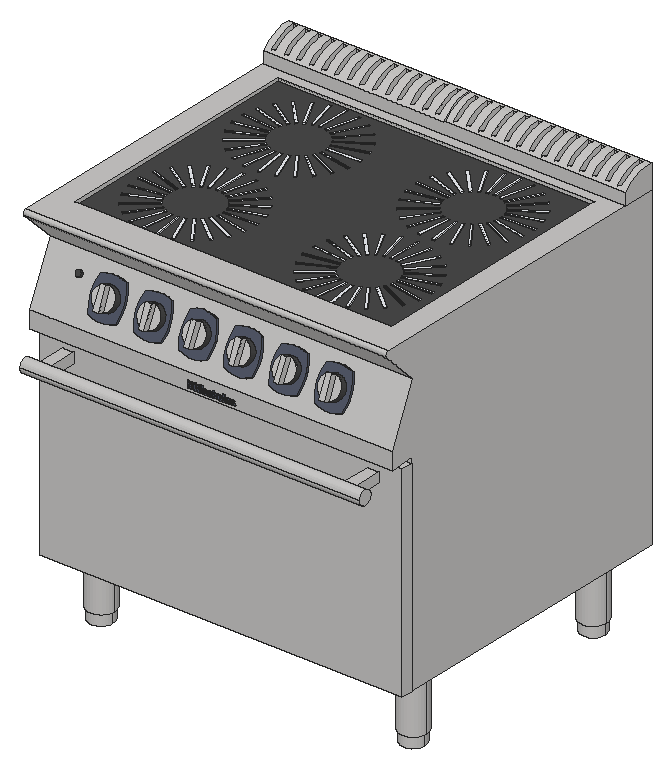
Revit family "QF_ELECTROLUXPROFESSIONAL_371026_E7IREH40E0", category Specialty Equipment, Revit 2018 (continued)
Automatic sketch dimensions
  Extrusion 19 sketch curve to Extrusion 19 sketch curve = 0.778 mm
  Extrusion 19 sketch curve to Extrusion 19 sketch curve = 0.063 mm
  Extrusion 19 sketch curve to Extrusion 19 sketch curve = 1.023 mm
  Extrusion 19 sketch curve to Extrusion 19 sketch curve = 3.804 mm
  Extrusion 19 sketch curve to Extrusion 19 sketch curve = 0.486 mm
  Extrusion 19 sketch curve to Extrusion 19 sketch curve = 0.266 mm
  Extrusion 19 sketch curve to Extrusion 19 sketch curve = 1.547 mm
  Extrusion 19 sketch curve to Extrusion 19 sketch curve = 0.717 mm  (x2)
  Extrusion 19 sketch curve to Extrusion 19 sketch curve = 1.667 mm
  Extrusion 19 sketch curve to Extrusion 19 sketch curve = 3.174 mm
  Extrusion 19 sketch curve to Extrusion 19 sketch curve = 0.388 mm
  Extrusion 19 sketch curve to Extrusion 19 sketch curve = 1.342 mm
  Extrusion 19 sketch curve to Extrusion 19 sketch curve = 1.521 mm
  Extrusion 19 sketch curve to Extrusion 19 sketch curve = 0.124 mm
  Extrusion 19 sketch curve to Extrusion 19 sketch curve = 0.291 mm
  Extrusion 19 sketch curve to Extrusion 19 sketch curve = 1.049 mm  (x2)
  Extrusion 19 sketch curve to Extrusion 19 sketch curve = 1.7 mm
  Extrusion 19 sketch curve to Extrusion 19 sketch curve = 0.894 mm
  Extrusion 19 sketch curve to Extrusion 19 sketch curve = 0.989 mm
  Extrusion 19 sketch curve to Extrusion 19 sketch curve = 1.168 mm
  Extrusion 19 sketch curve to Extrusion 19 sketch curve = 1.594 mm
  Extrusion 19 sketch curve to Extrusion 19 sketch curve = 0.731 mm
  Extrusion 19 sketch curve to Extrusion 19 sketch curve = 1.566 mm
  Extrusion 19 sketch curve to Extrusion 19 sketch curve = 0.064 mm
  Extrusion 19 sketch curve to Extrusion 19 sketch curve = 0.556 mm  (x2)
  Extrusion 19 sketch curve to Extrusion 19 sketch curve = 0.48 mm
  Extrusion 19 sketch curve to Extrusion 19 sketch curve = 0.228 mm
  Extrusion 19 sketch curve to Extrusion 19 sketch curve = 1.018 mm
  Extrusion 19 sketch curve to Extrusion 19 sketch curve = 0.787 mm
  Extrusion 19 sketch curve to Extrusion 19 sketch curve = 0.618 mm
  Extrusion 19 sketch curve to Extrusion 19 sketch curve = 1.672 mm
  Extrusion 19 sketch curve to Extrusion 19 sketch curve = 1.361 mm
  Extrusion 19 sketch curve to Extrusion 19 sketch curve = 0.822 mm
  Extrusion 19 sketch curve to Extrusion 19 sketch curve = 0.069 mm
  Extrusion 19 sketch curve to Extrusion 19 sketch curve = 1.88 mm
  Extrusion 19 sketch curve to Extrusion 19 sketch curve = 0.42 mm
  Extrusion 19 sketch curve to Extrusion 19 sketch curve = 0.062 mm
  Extrusion 19 sketch curve to Extrusion 19 sketch curve = 1.355 mm
  Extrusion 19 sketch curve to Extrusion 19 sketch curve = 2.34 mm
  Extrusion 19 sketch curve to Extrusion 19 sketch curve = 0.493 mm
  Extrusion 19 sketch curve to Extrusion 19 sketch curve = 0.136 mm
  Extrusion 19 sketch curve to Extrusion 19 sketch curve = 0.128 mm
  Extrusion 19 sketch curve to Extrusion 19 sketch curve = 3.616 mm
  Extrusion 19 sketch curve to Extrusion 19 sketch curve = 4.207 mm
  Extrusion 19 sketch curve to Extrusion 19 sketch curve = 0.183 mm
  Extrusion 19 sketch curve to Extrusion 19 sketch curve = 0.895 mm
  Extrusion 19 sketch curve to Extrusion 19 sketch curve = 1.314 mm
  Extrusion 19 sketch curve to Extrusion 19 sketch curve = 3.231 mm
  Extrusion 19 sketch curve to Extrusion 19 sketch curve = 1.299 mm
  Extrusion 19 sketch curve to Extrusion 19 sketch curve = 1.214 mm
  Extrusion 19 sketch curve to Extrusion 19 sketch curve = 1.264 mm
  Extrusion 19 sketch curve to Extrusion 19 sketch curve = 0.109 mm
  Extrusion 19 sketch curve to Extrusion 19 sketch curve = 0.357 mm
  Extrusion 19 sketch curve to Extrusion 19 sketch curve = 0.565 mm
  Extrusion 19 sketch curve to Extrusion 19 sketch curve = 2.504 mm
  Extrusion 19 sketch curve to Extrusion 19 sketch curve = 2.459 mm
  Extrusion 1 to Extrusion 19 sketch curve = 346.206 mm
  Extrusion 19 sketch curve to Extrusion 19 sketch curve = 0.208 mm
  Extrusion 19 sketch curve to Extrusion 19 sketch curve = 0.468 mm  (x2)
  Extrusion 19 sketch curve to Extrusion 19 sketch curve = 1.559 mm
  Extrusion 19 sketch curve to Extrusion 19 sketch curve = 0.422 mm  (x2)
  Extrusion 19 sketch curve to Extrusion 19 sketch curve = 0.494 mm
  Extrusion 19 sketch curve to Extrusion 19 sketch curve = 3.927 mm
  Extrusion 19 sketch curve to Extrusion 19 sketch curve = 0.782 mm
  Extrusion 19 sketch curve to Extrusion 19 sketch curve = 1.268 mm
  Extrusion 19 sketch curve to Extrusion 19 sketch curve = 0.671 mm
  Extrusion 19 sketch curve to Extrusion 19 sketch curve = 0.777 mm
  Extrusion 19 sketch curve to Extrusion 19 sketch curve = 0.704 mm
  Extrusion 19 sketch curve to Extrusion 19 sketch curve = 0.781 mm  (x2)
  Extrusion 19 sketch curve to Extrusion 19 sketch curve = 1.634 mm
  Extrusion 19 sketch curve to Extrusion 19 sketch curve = 0.132 mm
  Extrusion 19 sketch curve to Extrusion 19 sketch curve = 3.136 mm
  Extrusion 19 sketch curve to Extrusion 19 sketch curve = 2.422 mm
  Extrusion 19 sketch curve to Extrusion 19 sketch curve = 0.586 mm
  Extrusion 19 sketch curve to Extrusion 19 sketch curve = 2.046 mm  (x2)
  Extrusion 19 sketch curve to Extrusion 19 sketch curve = 1.241 mm
  Extrusion 19 sketch curve to Extrusion 19 sketch curve = 1.689 mm
  Extrusion 19 sketch curve to Extrusion 19 sketch curve = 2.859 mm
  Extrusion 19 sketch curve to Extrusion 19 sketch curve = 0.627 mm
  Extrusion 19 sketch curve to Extrusion 19 sketch curve = 0.863 mm
  Extrusion 19 sketch curve to Extrusion 19 sketch curve = 0.419 mm
  Extrusion 19 sketch curve to Extrusion 19 sketch curve = 1.514 mm
  Extrusion 19 sketch curve to Extrusion 19 sketch curve = 1.019 mm
  Extrusion 19 sketch curve to Extrusion 19 sketch curve = 0.065 mm
  Extrusion 19 sketch curve to Extrusion 19 sketch curve = 1.215 mm
  Extrusion 19 sketch curve to Extrusion 19 sketch curve = 2.708 mm
  Extrusion 19 sketch curve to Extrusion 19 sketch curve = 1.122 mm
  Extrusion 19 sketch curve to Extrusion 19 sketch curve = 1.153 mm
  Extrusion 19 sketch curve to Extrusion 19 sketch curve = 3.009 mm
  Extrusion 19 sketch curve to Extrusion 19 sketch curve = 0.829 mm  (x2)
  Extrusion 19 sketch curve to Extrusion 19 sketch curve = 0.934 mm
  Extrusion 19 sketch curve to Extrusion 19 sketch curve = 3.376 mm
  Extrusion 19 sketch curve to Extrusion 19 sketch curve = 0.222 mm
  Extrusion 19 sketch curve to Extrusion 19 sketch curve = 1.383 mm
  Extrusion 19 sketch curve to Extrusion 19 sketch curve = 1.556 mm
  Extrusion 19 sketch curve to Extrusion 19 sketch curve = 2.559 mm
  Extrusion 19 sketch curve to Extrusion 19 sketch curve = 2.51 mm
  Extrusion 19 sketch curve to Extrusion 19 sketch curve = 0.131 mm
  Extrusion 19 sketch curve to Extrusion 19 sketch curve = 1.717 mm
  Extrusion 19 sketch curve to Extrusion 19 sketch curve = 1.134 mm
  Extrusion 19 sketch curve to Extrusion 19 sketch curve = 0.366 mm
  Extrusion 19 sketch curve to Extrusion 19 sketch curve = 0.094 mm
  Extrusion 19 sketch curve to Extrusion 19 sketch curve = 1.584 mm
  Extrusion 19 sketch curve to Extrusion 19 sketch curve = 1.501 mm
  Extrusion 19 sketch curve to Extrusion 19 sketch curve = 0.27 mm
  Extrusion 19 sketch curve to Extrusion 19 sketch curve = 1.808 mm
  Extrusion 19 sketch curve to Extrusion 19 sketch curve = 0.643 mm
  Extrusion 19 sketch curve to Extrusion 19 sketch curve = 0.916 mm
  Extrusion 19 sketch curve to Extrusion 19 sketch curve = 0.352 mm
  Extrusion 19 sketch curve to Extrusion 19 sketch curve = 0.458 mm
  Extrusion 19 sketch curve to Extrusion 19 sketch curve = 1.282 mm
  Extrusion 19 sketch curve to Extrusion 19 sketch curve = 1.363 mm
  Extrusion 19 sketch curve to Extrusion 19 sketch curve = 0.685 mm
  Extrusion 19 sketch curve to Extrusion 19 sketch curve = 0.905 mm
  Extrusion 19 sketch curve to Extrusion 19 sketch curve = 2.865 mm
  Extrusion 19 sketch curve to Extrusion 19 sketch curve = 0.472 mm
  Extrusion 19 sketch curve to Extrusion 19 sketch curve = 0.101 mm
  Extrusion 19 sketch curve to Extrusion 19 sketch curve = 0.54 mm
  Extrusion 19 sketch curve to Extrusion 19 sketch curve = 0.02 mm
  Extrusion 19 sketch curve to Extrusion 19 sketch curve = 0.582 mm
  Extrusion 19 sketch curve to Extrusion 19 sketch curve = 0.166 mm
  Extrusion 19 sketch curve to Extrusion 19 sketch curve = 0.16 mm
  Extrusion 19 sketch curve to Extrusion 19 sketch curve = 2.781 mm
  Extrusion 19 sketch curve to Extrusion 19 sketch curve = 1.118 mm
  Extrusion 19 sketch curve to Extrusion 19 sketch curve = 0.613 mm
  Extrusion 19 sketch curve to Extrusion 19 sketch curve = 0.361 mm
  Extrusion 19 sketch curve to Extrusion 19 sketch curve = 0.897 mm
  Extrusion 19 sketch curve to Extrusion 19 sketch curve = 0.167 mm
  Extrusion 19 sketch curve to Extrusion 19 sketch curve = 0.292 mm
  Extrusion 19 sketch curve to Extrusion 19 sketch curve = 0.305 mm
  Extrusion 19 sketch curve to Extrusion 19 sketch curve = 1.557 mm
  Extrusion 19 sketch curve to Extrusion 19 sketch curve = 2.499 mm
  Extrusion 19 sketch curve to Extrusion 19 sketch curve = 3.062 mm
  Extrusion 19 sketch curve to Extrusion 19 sketch curve = 2.968 mm
  Extrusion 19 sketch curve to Extrusion 19 sketch curve = 5.044 mm
  Extrusion 19 sketch curve to Extrusion 19 sketch curve = 0.629 mm  (x2)
  Extrusion 19 sketch curve to Extrusion 19 sketch curve = 1.131 mm
  Extrusion 19 sketch curve to Extrusion 19 sketch curve = 0.027 mm
  Extrusion 19 sketch curve to Extrusion 19 sketch curve = 2.235 mm
  curve 132 to plane 15 = 0 mm
  plane 5 "FRONT" to curve 137 = 0 mm
  plane 5 "FRONT" to curve 138 = 0 mm
  plane 5 "FRONT" to curve 135 = 0 mm
  plane 5 "FRONT" to curve 136 = 0 mm
  plane 3 "LEFT" to curve 96 = 13.453 mm
  curve 96 to curve 96 = 9.296 mm
  plane 3 "LEFT" to curve 132 = 25.4 mm
  curve 96 to curve 98 = 18.547 mm
  curve 98 to curve 98 = 9.296 mm
  curve 131 to curve 137 = 25.339 mm
  curve 98 to curve 99 = 18.547 mm
  curve 137 to curve 138 = 25 mm
  curve 99 to curve 99 = 9.296 mm
  curve 99 to curve 100 = 18.547 mm
  curve 100 to curve 100 = 9.296 mm
  curve 100 to curve 101 = 18.547 mm
  curve 101 to curve 101 = 9.296 mm
  curve 101 to curve 102 = 18.547 mm
  curve 102 to curve 102 = 9.296 mm
  curve 102 to curve 103 = 18.547 mm
  curve 103 to curve 103 = 9.296 mm
  curve 103 to curve 104 = 18.547 mm
  curve 104 to curve 104 = 9.296 mm
  curve 104 to curve 105 = 18.547 mm
  curve 105 to curve 105 = 9.296 mm
  curve 105 to curve 106 = 18.547 mm
  curve 106 to curve 106 = 9.296 mm
  curve 106 to curve 107 = 18.547 mm
  curve 107 to curve 107 = 9.296 mm
  curve 107 to curve 108 = 18.547 mm
  curve 108 to curve 108 = 9.296 mm
  curve 108 to curve 109 = 18.547 mm
  curve 109 to curve 109 = 9.296 mm
  curve 109 to curve 97 = 18.547 mm
  curve 97 to curve 97 = 9.296 mm
  plane 7 "Center Y" to curve 111 = 15.351 mm
  curve 111 to curve 111 = 9.296 mm
  curve 111 to curve 123 = 18.547 mm
  curve 123 to curve 123 = 9.296 mm
  curve 123 to curve 122 = 18.547 mm
  curve 122 to curve 122 = 9.296 mm
  curve 122 to curve 121 = 18.547 mm
  curve 121 to curve 121 = 9.296 mm
  curve 121 to curve 120 = 18.547 mm
  curve 120 to curve 120 = 9.296 mm
  curve 120 to curve 119 = 18.547 mm
  curve 119 to curve 119 = 9.296 mm
  curve 119 to curve 118 = 18.547 mm
  curve 118 to curve 118 = 9.296 mm
  curve 118 to curve 117 = 18.547 mm
  curve 117 to curve 117 = 9.296 mm
  curve 117 to curve 116 = 18.547 mm
  curve 116 to curve 116 = 9.296 mm
  curve 116 to curve 115 = 18.547 mm
  curve 115 to curve 115 = 9.296 mm
  curve 115 to curve 114 = 18.547 mm
  curve 114 to curve 114 = 9.296 mm
  curve 114 to curve 113 = 18.547 mm
  plane 5 "FRONT" to curve 135 = 13 mm
  curve 135 to plane 4 "RIGHT" = 75.739 mm
  curve 113 to curve 113 = 9.296 mm
  curve 135 to curve 136 = 25 mm
  curve 113 to curve 112 = 18.547 mm
  curve 112 to curve 112 = 9.296 mm
  curve 136 to curve 131 = 25.339 mm
  curve 112 to curve 110 = 18.547 mm
  curve 110 to curve 110 = 9.296 mm
  plane 1 "BACK" to curve 104 = 63.911 mm
  curve 104 to curve 105 = 0 mm
  curve 105 to curve 106 = 0 mm
  curve 106 to curve 107 = 0 mm
  curve 107 to curve 108 = 0 mm
  curve 108 to curve 109 = 0 mm
  plane 1 "BACK" to curve 110 = 63.911 mm
  plane 1 "BACK" to curve 111 = 63.911 mm
  curve 112 to curve 110 = 0 mm
  curve 113 to curve 112 = 0 mm
  curve 103 to curve 104 = 0 mm
  curve 114 to curve 113 = 0 mm
  curve 115 to curve 114 = 0 mm
  curve 116 to curve 115 = 0 mm
  curve 117 to curve 116 = 0 mm
  curve 118 to curve 117 = 0 mm
  curve 119 to curve 118 = 0 mm
  curve 120 to curve 119 = 0 mm
  curve 121 to curve 120 = 0 mm
  curve 122 to curve 121 = 0 mm
  curve 123 to curve 122 = 0 mm
  curve 102 to curve 103 = 0 mm
  curve 101 to curve 102 = 0 mm
  curve 100 to curve 101 = 0 mm
  curve 99 to curve 100 = 0 mm
  curve 98 to curve 99 = 0 mm
  curve 109 to curve 97 = 0 mm
  curve 96 to curve 98 = 0 mm
  radius of Extrusion 11 sketch curve = 12.7 mm
  radius of Extrusion 13 sketch curve = 25.4 mm  (x6)
  radius of Extrusion 14 sketch curve to Extrusion 13 = 0 mm  (x12)
  radius of Extrusion 15 sketch curve = 15 mm
  radius of Extrusion 18 sketch curve = 6.4 mm
Nested families
  nested 1: "INDUCTION BURNER" at (76.145, -100.486, 843.837), type "INDUCTION BURNER"
    with Type Mark "", Status "", Specification by User "", Revision Code "", Number of Poles 1, Item Number "", Installed By "", Identify Quantity as Lot yes, Furnished By "", Foodservice Equipment Identifier yes, Electrical Remarks "", Electric Connection Type "", Elec Conn RI Height 0 mm, Elec Conn Connection Height 0 mm
  nested 2: "INDUCTION BURNER" at (76.145, -385.486, 843.837), type "INDUCTION BURNER"
    with Type Mark "", Status "", Specification by User "", Revision Code "", Number of Poles 1, Item Number "", Installed By "", Identify Quantity as Lot yes, Furnished By "", Foodservice Equipment Identifier yes, Electrical Remarks "", Electric Connection Type "", Elec Conn RI Height 0 mm, Elec Conn Connection Height 0 mm
  nested 3: "INDUCTION BURNER" at (461.089, -385.486, 843.837), type "INDUCTION BURNER"
    with Type Mark "", Status "", Specification by User "", Revision Code "", Number of Poles 1, Item Number "", Installed By "", Identify Quantity as Lot yes, Furnished By "", Foodservice Equipment Identifier yes, Electrical Remarks "", Electric Connection Type "", Elec Conn RI Height 0 mm, Elec Conn Connection Height 0 mm
  nested 4: "INDUCTION BURNER" at (461.089, -100.486, 843.837), type "INDUCTION BURNER"
    with Type Mark "", Status "", Specification by User "", Revision Code "", Number of Poles 1, Item Number "", Installed By "", Identify Quantity as Lot yes, Furnished By "", Foodservice Equipment Identifier yes, Electrical Remarks "", Electric Connection Type "", Elec Conn RI Height 0 mm, Elec Conn Connection Height 0 mm
Connectors
  electrical at (755, -330, 137.3), driven by "Volts", driven by "Watts"
    settings: on Extrusion 11, index 1, voltage 400 V, apparent load 14800 VA, apparent load phase1 0 VA, apparent load phase2 0 VA, apparent load phase3 0 VA, power factor 1, load classification "Other", number of poles 1, system type 30, power factor state 1, is connector primary yes, connector utility no, sub classification motor no, connector description "Electrical Connection"
Definition of nested family "INDUCTION BURNER"
  Parameters
    Weight in Pounds = 0
    Watts = 0 W
    Volts = 0 V
    URL Cutsheet = ""
    Type Mark [instance] = ""
    Status [instance] = ""
    Specification by User [instance] = ""
    Specification by Manufacturer = ""
    Serial Number = ""
    Seismic Rating = ""
    SMACNA No = ""
    Revision Code [instance] = ""
    Phase = 1
    Omniclass Number and Title = ""
    Number of Poles [instance] = 1
    NAFEM Spec ID Number = ""
    Min Ckt Ampacity = 0 A
    Max Overcurrent Protection = 0 A
    Masterspec = ""
    Item Number [instance] = ""
    Installed By [instance] = ""
    Identify Quantity as Lot [instance] = yes
    HP = ""
    Furnished By [instance] = ""
    Foodservice Equipment Identifier [instance] = yes
    FL Amps = 0 A
    Electrical Remarks [instance] = ""
    Electric Connection Type [instance] = ""
    Elec Conn RI Height [instance] = 0 mm
    Elec Conn Connection Height [instance] = 0 mm
    Cycle = 0 Hz
    Conn Plug = ""
    Conn Conduit = yes
    CSI MasterFormat = ""
    CSI Master Format = ""
    Assembly Code = ""
    Apparent Power = if(Phase = 3, Volts * FL Amps * 1.73, Volts * FL Amps)  # 0 VA
  Reference planes
    plane 1 "BACK": y = 0
    plane 2: z = 0
    plane 3 "LEFT": x = 0
    plane 4 "RIGHT": x = 263
    plane 5 "FRONT": y = -263
    plane 6 "TOP": z = 0.794
    plane 7 "Center Y": x = 131.5
    plane 8 "Center X": y = -131.5
  Forms (mm)
    Extrusion 1, solid
      sketch origin (0, 0, 0) x (1, 0, 0) y (0, 1, 0)
        loop
          line (134, -73.314) -> (134, 0) -> (129, 0) -> (129, -73.314) -> (134, -73.314)
        loop
          line (119.451, -74.521) -> (101.219, -3.51) -> (96.376, -4.753) -> (114.608, -75.764) -> (119.451, -74.521)
        loop
          line (105.66, -79.307) -> (70.34, -15.061) -> (65.959, -17.47) -> (101.278, -81.716) -> (105.66, -79.307)
        loop
          line (93.492, -87.373) -> (43.304, -33.929) -> (39.66, -37.352) -> (89.847, -90.796) -> (93.492, -87.373)
        loop
          line (83.712, -98.212) -> (21.81, -58.928) -> (19.131, -63.15) -> (81.033, -102.433) -> (83.712, -98.212)
        loop
          line (5.664, -93.242) -> (75.39, -115.897) -> (76.935, -111.142) -> (7.209, -88.487) -> (5.664, -93.242)
        loop
          line (73.586, -125.351) -> (0.416, -120.748) -> (0.103, -125.738) -> (73.272, -130.342) -> (73.586, -125.351)
        loop
          line (73.876, -139.947) -> (1.861, -153.685) -> (2.798, -158.596) -> (74.813, -144.859) -> (73.876, -139.947)
        loop
          line (77.788, -154.012) -> (11.451, -185.228) -> (13.58, -189.752) -> (79.916, -158.536) -> (77.788, -154.012)
        loop
          line (85.074, -166.663) -> (28.584, -213.395) -> (31.771, -217.248) -> (88.261, -170.515) -> (85.074, -166.663)
        loop
          line (95.277, -177.104) -> (52.184, -236.416) -> (56.229, -239.355) -> (99.322, -180.043) -> (95.277, -177.104)
        loop
          line (107.756, -184.679) -> (80.767, -252.845) -> (85.416, -254.686) -> (112.405, -186.52) -> (107.756, -184.679)
        loop
          line (121.727, -188.914) -> (112.538, -261.65) -> (117.499, -262.276) -> (126.688, -189.54) -> (121.727, -188.914)
        loop
          line (143.549, -74.521) -> (148.392, -75.764) -> (166.624, -4.753) -> (161.781, -3.51) -> (143.549, -74.521)
        loop
          line (157.34, -79.307) -> (161.722, -81.716) -> (197.041, -17.47) -> (192.66, -15.061) -> (157.34, -79.307)
        loop
          line (169.508, -87.373) -> (173.153, -90.796) -> (223.34, -37.352) -> (219.696, -33.929) -> (169.508, -87.373)
        loop
          line (179.288, -98.212) -> (181.967, -102.433) -> (243.869, -63.15) -> (241.19, -58.928) -> (179.288, -98.212)
        loop
          line (257.336, -93.242) -> (255.791, -88.487) -> (186.065, -111.142) -> (187.61, -115.897) -> (257.336, -93.242)
        loop
          line (189.414, -125.351) -> (189.728, -130.342) -> (262.897, -125.738) -> (262.584, -120.748) -> (189.414, -125.351)
        loop
          line (189.124, -139.947) -> (188.187, -144.859) -> (260.202, -158.596) -> (261.139, -153.685) -> (189.124, -139.947)
        loop
          line (185.212, -154.012) -> (183.084, -158.536) -> (249.42, -189.752) -> (251.549, -185.228) -> (185.212, -154.012)
        loop
          line (177.926, -166.663) -> (174.739, -170.515) -> (231.229, -217.248) -> (234.416, -213.395) -> (177.926, -166.663)
        loop
          line (167.723, -177.104) -> (163.678, -180.043) -> (206.771, -239.355) -> (210.816, -236.416) -> (167.723, -177.104)
        loop
          line (155.244, -184.679) -> (150.595, -186.52) -> (177.584, -254.686) -> (182.233, -252.845) -> (155.244, -184.679)
        loop
          line (141.273, -188.914) -> (136.312, -189.54) -> (145.501, -262.276) -> (150.462, -261.65) -> (141.273, -188.914)
      from 0 to 0.8
  Lines and regions (mm)
    symbolic lines
      curve 1: line (134, -73.314, 0) -> (134, 0, 0)
      curve 2: line (134, 0, 0) -> (129, 0, 0)
      curve 3: line (129, 0, 0) -> (129, -73.314, 0)
      curve 4: line (129, -73.314, 0) -> (134, -73.314, 0)
      curve 5: line (148.392, -75.764, 0) -> (166.624, -4.753, 0)
      curve 6: line (166.624, -4.753, 0) -> (161.781, -3.51, 0)
      curve 7: line (161.781, -3.51, 0) -> (143.549, -74.521, 0)
      curve 8: line (143.549, -74.521, 0) -> (148.392, -75.764, 0)
      curve 9: line (119.451, -74.521, 0) -> (101.219, -3.51, 0)
      curve 10: line (101.219, -3.51, 0) -> (96.376, -4.753, 0)
      curve 11: line (96.376, -4.753, 0) -> (114.608, -75.764, 0)
      curve 12: line (114.608, -75.764, 0) -> (119.451, -74.521, 0)
      curve 13: line (105.66, -79.307, 0) -> (70.34, -15.061, 0)
      curve 14: line (70.34, -15.061, 0) -> (65.959, -17.47, 0)
      curve 15: line (65.959, -17.47, 0) -> (101.278, -81.716, 0)
      curve 16: line (101.278, -81.716, 0) -> (105.66, -79.307, 0)
      curve 17: line (93.492, -87.373, 0) -> (43.304, -33.929, 0)
      curve 18: line (43.304, -33.929, 0) -> (39.66, -37.352, 0)
      curve 19: line (39.66, -37.352, 0) -> (89.847, -90.796, 0)
      curve 20: line (89.847, -90.796, 0) -> (93.492, -87.373, 0)
      curve 21: line (83.712, -98.212, 0) -> (21.81, -58.928, 0)
      curve 22: line (21.81, -58.928, 0) -> (19.131, -63.15, 0)
      curve 23: line (19.131, -63.15, 0) -> (81.033, -102.433, 0)
      curve 24: line (81.033, -102.433, 0) -> (83.712, -98.212, 0)
      curve 25: line (76.935, -111.142, 0) -> (7.209, -88.487, 0)
      curve 26: line (7.209, -88.487, 0) -> (5.664, -93.242, 0)
      curve 27: line (5.664, -93.242, 0) -> (75.39, -115.897, 0)
      curve 28: line (75.39, -115.897, 0) -> (76.935, -111.142, 0)
      curve 29: line (73.586, -125.351, 0) -> (0.416, -120.748, 0)
      curve 30: line (0.416, -120.748, 0) -> (0.103, -125.738, 0)
      curve 31: line (0.103, -125.738, 0) -> (73.272, -130.342, 0)
      curve 32: line (73.272, -130.342, 0) -> (73.586, -125.351, 0)
      curve 33: line (73.876, -139.947, 0) -> (1.861, -153.685, 0)
      curve 34: line (1.861, -153.685, 0) -> (2.798, -158.596, 0)
      curve 35: line (2.798, -158.596, 0) -> (74.813, -144.859, 0)
      curve 36: line (74.813, -144.859, 0) -> (73.876, -139.947, 0)
      curve 37: line (77.788, -154.012, 0) -> (11.451, -185.228, 0)
      curve 38: line (11.451, -185.228, 0) -> (13.58, -189.752, 0)
      curve 39: line (13.58, -189.752, 0) -> (79.916, -158.536, 0)
      curve 40: line (79.916, -158.536, 0) -> (77.788, -154.012, 0)
      curve 41: line (85.074, -166.663, 0) -> (28.584, -213.395, 0)
      curve 42: line (28.584, -213.395, 0) -> (31.771, -217.248, 0)
      curve 43: line (31.771, -217.248, 0) -> (88.261, -170.515, 0)
      curve 44: line (88.261, -170.515, 0) -> (85.074, -166.663, 0)
      curve 45: line (95.277, -177.104, 0) -> (52.184, -236.416, 0)
      curve 46: line (52.184, -236.416, 0) -> (56.229, -239.355, 0)
      curve 47: line (56.229, -239.355, 0) -> (99.322, -180.043, 0)
      curve 48: line (99.322, -180.043, 0) -> (95.277, -177.104, 0)
      curve 49: line (107.756, -184.679, 0) -> (80.767, -252.845, 0)
      curve 50: line (80.767, -252.845, 0) -> (85.416, -254.686, 0)
      curve 51: line (85.416, -254.686, 0) -> (112.405, -186.52, 0)
      curve 52: line (112.405, -186.52, 0) -> (107.756, -184.679, 0)
      curve 53: line (121.727, -188.914, 0) -> (112.538, -261.65, 0)
      curve 54: line (112.538, -261.65, 0) -> (117.499, -262.276, 0)
      curve 55: line (117.499, -262.276, 0) -> (126.688, -189.54, 0)
      curve 56: line (126.688, -189.54, 0) -> (121.727, -188.914, 0)
      curve 57: line (136.312, -189.54, 0) -> (145.501, -262.276, 0)
      curve 58: line (145.501, -262.276, 0) -> (150.462, -261.65, 0)
      curve 59: line (150.462, -261.65, 0) -> (141.273, -188.914, 0)
      curve 60: line (141.273, -188.914, 0) -> (136.312, -189.54, 0)
      curve 61: line (150.595, -186.52, 0) -> (177.584, -254.686, 0)
      curve 62: line (177.584, -254.686, 0) -> (182.233, -252.845, 0)
      curve 63: line (182.233, -252.845, 0) -> (155.244, -184.679, 0)
      curve 64: line (155.244, -184.679, 0) -> (150.595, -186.52, 0)
      curve 65: line (163.678, -180.043, 0) -> (206.771, -239.355, 0)
      curve 66: line (206.771, -239.355, 0) -> (210.816, -236.416, 0)
      curve 67: line (210.816, -236.416, 0) -> (167.723, -177.104, 0)
      curve 68: line (167.723, -177.104, 0) -> (163.678, -180.043, 0)
      curve 69: line (174.739, -170.515, 0) -> (231.229, -217.248, 0)
      curve 70: line (231.229, -217.248, 0) -> (234.416, -213.395, 0)
      curve 71: line (234.416, -213.395, 0) -> (177.926, -166.663, 0)
      curve 72: line (177.926, -166.663, 0) -> (174.739, -170.515, 0)
      curve 73: line (183.084, -158.536, 0) -> (249.42, -189.752, 0)
      curve 74: line (249.42, -189.752, 0) -> (251.549, -185.228, 0)
      curve 75: line (251.549, -185.228, 0) -> (185.212, -154.012, 0)
      curve 76: line (185.212, -154.012, 0) -> (183.084, -158.536, 0)
      curve 77: line (188.187, -144.859, 0) -> (260.202, -158.596, 0)
      curve 78: line (260.202, -158.596, 0) -> (261.139, -153.685, 0)
      curve 79: line (261.139, -153.685, 0) -> (189.124, -139.947, 0)
      curve 80: line (189.124, -139.947, 0) -> (188.187, -144.859, 0)
      curve 81: line (189.728, -130.342, 0) -> (262.897, -125.738, 0)
      curve 82: line (262.897, -125.738, 0) -> (262.584, -120.748, 0)
      curve 83: line (262.584, -120.748, 0) -> (189.414, -125.351, 0)
      curve 84: line (189.414, -125.351, 0) -> (189.728, -130.342, 0)
      curve 85: line (187.61, -115.897, 0) -> (257.336, -93.242, 0)
      curve 86: line (257.336, -93.242, 0) -> (255.791, -88.487, 0)
      curve 87: line (255.791, -88.487, 0) -> (186.065, -111.142, 0)
      curve 88: line (186.065, -111.142, 0) -> (187.61, -115.897, 0)
      curve 89: line (181.967, -102.433, 0) -> (243.869, -63.15, 0)
      curve 90: line (243.869, -63.15, 0) -> (241.19, -58.928, 0)
      curve 91: line (241.19, -58.928, 0) -> (179.288, -98.212, 0)
      curve 92: line (179.288, -98.212, 0) -> (181.967, -102.433, 0)
      curve 93: line (173.153, -90.796, 0) -> (223.34, -37.352, 0)
      curve 94: line (223.34, -37.352, 0) -> (219.696, -33.929, 0)
      curve 95: line (219.696, -33.929, 0) -> (169.508, -87.373, 0)
      curve 96: line (169.508, -87.373, 0) -> (173.153, -90.796, 0)
      curve 97: line (161.722, -81.716, 0) -> (197.041, -17.47, 0)
      curve 98: line (197.041, -17.47, 0) -> (192.66, -15.061, 0)
      curve 99: line (192.66, -15.061, 0) -> (157.34, -79.307, 0)
      curve 100: line (157.34, -79.307, 0) -> (161.722, -81.716, 0)
  Dimensions and locks
    equal spacing: plane 3 "LEFT", plane 7 "Center Y", plane 4 "RIGHT"
    plane 3 "LEFT" to plane 4 "RIGHT" = 263 mm
    equal spacing: plane 5 "FRONT", plane 8 "Center X", plane 1 "BACK"
    plane 5 "FRONT" to plane 1 "BACK" = 263 mm
    plane 6 "TOP" to level = 0.794 mm
    aligned and locked: level to plane 2
  Automatic sketch dimensions
    plane 1 "BACK" to curve 1 = 0 mm
    plane 3 "LEFT" to curve 31 = 0.103 mm
    plane 3 "LEFT" to curve 33 = 1.861 mm
    plane 3 "LEFT" to curve 26 = 5.664 mm
    plane 3 "LEFT" to curve 38 = 11.451 mm
    curve 37 to curve 39 = 2.129 mm
    plane 3 "LEFT" to curve 22 = 19.131 mm
    curve 38 to curve 42 = 15.004 mm
    curve 21 to curve 18 = 17.849 mm
    plane 1 "BACK" to curve 14 = 15.061 mm
    curve 14 to curve 14 = 4.382 mm
    plane 8 "Center X" to curve 32 = 1.158 mm
    curve 32 to curve 29 = 0.314 mm
    curve 31 to curve 36 = 0.604 mm
    curve 33 to plane 8 "Center X" = 8.447 mm
    curve 33 to curve 35 = 0.937 mm
    curve 29 to curve 28 = 1.803 mm
    plane 8 "Center X" to curve 27 = 15.603 mm
    curve 27 to curve 25 = 1.545 mm
    curve 36 to curve 40 = 2.974 mm
    curve 37 to plane 8 "Center X" = 22.512 mm
    curve 25 to curve 23 = 4.098 mm
    curve 23 to curve 21 = 2.679 mm
    curve 39 to curve 41 = 5.157 mm
    curve 49 to curve 51 = 4.649 mm
    curve 50 to plane 5 "FRONT" = 8.314 mm
    curve 41 to curve 44 = 3.187 mm
    curve 21 to curve 19 = 6.135 mm
    curve 19 to curve 17 = 3.645 mm
    curve 43 to curve 45 = 7.016 mm
    curve 45 to curve 47 = 4.045 mm
    curve 10 to curve 9 = 4.843 mm
    plane 1 "BACK" to curve 10 = 3.51 mm
    curve 17 to curve 16 = 7.786 mm
    curve 47 to curve 49 = 8.434 mm
    curve 13 to curve 11 = 8.949 mm
    curve 54 to plane 5 "FRONT" = 0.724 mm
    curve 53 to curve 54 = 4.961 mm
    curve 56 to plane 7 "Center Y" = 4.812 mm
    curve 2 to plane 7 "Center Y" = 2.5 mm
    plane 7 "Center Y" to curve 1 = 2.5 mm
    plane 7 "Center Y" to curve 57 = 4.812 mm
    plane 7 "Center Y" to curve 58 = 14.001 mm
    curve 57 to plane 5 "FRONT" = 0.724 mm
    curve 58 to curve 58 = 4.961 mm
    curve 59 to curve 64 = 9.322 mm
    curve 61 to curve 64 = 4.649 mm
    curve 5 to curve 100 = 8.949 mm
    plane 1 "BACK" to curve 6 = 3.51 mm
    curve 63 to curve 65 = 8.434 mm
    curve 6 to curve 6 = 4.843 mm
    curve 65 to curve 67 = 4.045 mm
    curve 97 to curve 96 = 7.786 mm
    curve 95 to curve 96 = 3.645 mm
    curve 67 to curve 72 = 7.016 mm
    curve 62 to plane 5 "FRONT" = 8.314 mm
    curve 69 to curve 71 = 3.187 mm
    curve 93 to curve 92 = 6.135 mm
    curve 71 to curve 76 = 5.157 mm
    curve 73 to curve 76 = 2.129 mm
    curve 75 to plane 8 "Center X" = 22.512 mm
    curve 89 to curve 88 = 4.098 mm
    plane 8 "Center X" to curve 88 = 15.603 mm
    curve 75 to curve 77 = 2.974 mm
    curve 79 to plane 8 "Center X" = 8.447 mm
    curve 77 to curve 79 = 0.937 mm
    curve 85 to curve 84 = 1.803 mm
    plane 8 "Center X" to curve 84 = 1.158 mm
    curve 83 to curve 84 = 0.314 mm
    plane 1 "BACK" to curve 98 = 15.061 mm
    curve 98 to curve 98 = 4.382 mm
    curve 66 to curve 70 = 20.413 mm
    curve 91 to plane 4 "RIGHT" = 21.81 mm
    curve 90 to curve 90 = 2.679 mm
    curve 74 to plane 4 "RIGHT" = 13.58 mm
    curve 86 to plane 4 "RIGHT" = 7.209 mm
    curve 86 to curve 86 = 1.545 mm
    curve 79 to plane 4 "RIGHT" = 1.861 mm
    curve 82 to plane 4 "RIGHT" = 0.103 mm
    curve 46 to curve 46 = 2.939 mm
    curve 45 to curve 42 = 19.169 mm
    curve 66 to curve 70 = 19.169 mm
    curve 69 to curve 71 = 3.853 mm
    curve 56 to curve 60 = 0 mm
    curve 55 to curve 53 = 0.627 mm
    curve 57 to curve 59 = 0.627 mm
    curve 53 to curve 52 = 2.394 mm
    curve 59 to curve 61 = 2.394 mm
    curve 73 to curve 75 = 4.524 mm
    curve 51 to curve 49 = 1.841 mm
    curve 61 to curve 63 = 1.841 mm
    curve 49 to curve 48 = 4.637 mm
    curve 63 to curve 65 = 4.637 mm
    curve 65 to curve 67 = 2.939 mm
    curve 67 to curve 72 = 6.589 mm
    curve 45 to curve 44 = 6.589 mm
    curve 43 to curve 44 = 3.853 mm
    curve 39 to curve 37 = 4.524 mm
    curve 77 to curve 78 = 4.911 mm
    curve 34 to curve 33 = 4.911 mm
    plane 8 "Center X" to curve 31 = 5.762 mm
    plane 8 "Center X" to curve 81 = 5.762 mm
    curve 30 to curve 30 = 4.99 mm
    curve 81 to curve 83 = 4.99 mm
    curve 87 to curve 89 = 8.709 mm
    curve 25 to curve 23 = 8.709 mm
    curve 23 to curve 21 = 4.222 mm
    curve 91 to curve 96 = 7.416 mm
    curve 21 to curve 20 = 7.416 mm
    curve 26 to curve 26 = 4.755 mm
    curve 86 to curve 86 = 4.755 mm
    curve 19 to curve 20 = 3.423 mm
    curve 93 to curve 95 = 3.423 mm
    curve 17 to curve 16 = 5.657 mm
    curve 95 to curve 97 = 5.657 mm
    curve 16 to curve 13 = 2.409 mm
    curve 97 to curve 100 = 2.409 mm
    curve 99 to curve 8 = 3.543 mm
    curve 13 to curve 11 = 3.543 mm
    curve 5 to curve 8 = 1.243 mm
    curve 11 to curve 12 = 1.243 mm
    curve 9 to curve 3 = 1.206 mm
    curve 90 to curve 91 = 4.222 mm
    curve 91 to curve 94 = 21.576 mm
    plane 1 "BACK" to Extrusion 1 sketch curve = 0 mm
    plane 3 "LEFT" to Extrusion 1 sketch curve = 0.103 mm
    plane 3 "LEFT" to Extrusion 1 sketch curve = 0.416 mm
    plane 3 "LEFT" to Extrusion 1 sketch curve = 1.861 mm
    plane 3 "LEFT" to Extrusion 1 sketch curve = 2.798 mm
    plane 3 "LEFT" to Extrusion 1 sketch curve = 5.664 mm
    Extrusion 1 sketch curve to Extrusion 1 sketch curve = 1.545 mm  (x2)
    plane 3 "LEFT" to Extrusion 1 sketch curve = 11.451 mm
    Extrusion 1 sketch curve to Extrusion 1 sketch curve = 2.129 mm  (x2)
    plane 3 "LEFT" to Extrusion 1 sketch curve = 19.131 mm
    Extrusion 1 sketch curve to Extrusion 1 sketch curve = 2.679 mm  (x2)
    Extrusion 1 sketch curve to Extrusion 1 sketch curve = 15.004 mm
    Extrusion 1 sketch curve to Extrusion 1 sketch curve = 3.187 mm  (x2)
    Extrusion 1 sketch curve to Extrusion 1 sketch curve = 17.849 mm
    plane 1 "BACK" to Extrusion 1 sketch curve = 33.929 mm
    Extrusion 1 sketch curve to Extrusion 1 sketch curve = 3.645 mm  (x2)
    Extrusion 1 sketch curve to Extrusion 1 sketch curve = 20.413 mm  (x2)
    Extrusion 1 sketch curve to plane 5 "FRONT" = 23.645 mm  (x2)
    Extrusion 1 sketch curve to Extrusion 1 sketch curve = 4.045 mm  (x2)
    Extrusion 1 sketch curve to Extrusion 1 sketch curve = 22.654 mm  (x2)
    plane 1 "BACK" to Extrusion 1 sketch curve = 15.061 mm  (x2)
    Extrusion 1 sketch curve to Extrusion 1 sketch curve = 4.382 mm  (x2)
    plane 8 "Center X" to Extrusion 1 sketch curve = 1.158 mm  (x2)
    Extrusion 1 sketch curve to plane 7 "Center Y" = 58.228 mm
    Extrusion 1 sketch curve to plane 8 "Center X" = 8.447 mm  (x2)
    Extrusion 1 sketch curve to Extrusion 1 sketch curve = 0.604 mm
    plane 8 "Center X" to Extrusion 1 sketch curve = 15.603 mm  (x2)
    Extrusion 1 sketch curve to Extrusion 1 sketch curve = 1.803 mm  (x2)
    Extrusion 1 sketch curve to plane 8 "Center X" = 22.512 mm  (x2)
    Extrusion 1 sketch curve to Extrusion 1 sketch curve = 2.974 mm  (x2)
    Extrusion 1 sketch curve to plane 5 "FRONT" = 10.155 mm
    Extrusion 1 sketch curve to Extrusion 1 sketch curve = 24.538 mm  (x2)
    Extrusion 1 sketch curve to Extrusion 1 sketch curve = 4.098 mm  (x2)
    Extrusion 1 sketch curve to Extrusion 1 sketch curve = 5.157 mm  (x2)
    Extrusion 1 sketch curve to plane 5 "FRONT" = 8.314 mm  (x2)
    Extrusion 1 sketch curve to Extrusion 1 sketch curve = 4.649 mm  (x2)
    Extrusion 1 sketch curve to Extrusion 1 sketch curve = 6.135 mm  (x2)
    Extrusion 1 sketch curve to Extrusion 1 sketch curve = 7.016 mm  (x2)
    plane 1 "BACK" to Extrusion 1 sketch curve = 4.753 mm
    Extrusion 1 sketch curve to Extrusion 1 sketch curve = 26.036 mm  (x2)
    plane 1 "BACK" to Extrusion 1 sketch curve = 3.51 mm  (x2)
    Extrusion 1 sketch curve to Extrusion 1 sketch curve = 4.843 mm  (x2)
    Extrusion 1 sketch curve to Extrusion 1 sketch curve = 7.786 mm  (x2)
    Extrusion 1 sketch curve to Extrusion 1 sketch curve = 8.434 mm  (x2)
    Extrusion 1 sketch curve to plane 5 "FRONT" = 1.35 mm
    Extrusion 1 sketch curve to plane 7 "Center Y" = 18.962 mm
    Extrusion 1 sketch curve to Extrusion 1 sketch curve = 8.949 mm  (x2)
    Extrusion 1 sketch curve to plane 5 "FRONT" = 0.724 mm  (x2)
    Extrusion 1 sketch curve to Extrusion 1 sketch curve = 4.961 mm  (x2)
    Extrusion 1 sketch curve to Extrusion 1 sketch curve = 9.322 mm  (x2)
    Extrusion 1 sketch curve to plane 7 "Center Y" = 2.5 mm
    plane 7 "Center Y" to Extrusion 1 sketch curve = 2.5 mm
    plane 7 "Center Y" to Extrusion 1 sketch curve = 4.812 mm
    Extrusion 1 sketch curve to Extrusion 1 sketch curve = 9.549 mm
    plane 7 "Center Y" to Extrusion 1 sketch curve = 14.001 mm
    Extrusion 1 sketch curve to Extrusion 1 sketch curve = 27.781 mm
    Extrusion 1 sketch curve to Extrusion 1 sketch curve = 27.122 mm
    plane 8 "Center X" to Extrusion 1 sketch curve = 29.067 mm
    plane 8 "Center X" to Extrusion 1 sketch curve = 20.358 mm
    Extrusion 1 sketch curve to plane 8 "Center X" = 13.359 mm
    Extrusion 1 sketch curve to Extrusion 1 sketch curve = 0.937 mm
    plane 8 "Center X" to Extrusion 1 sketch curve = 6.149 mm
    Extrusion 1 sketch curve to Extrusion 1 sketch curve = 0.314 mm
    Extrusion 1 sketch curve to plane 4 "RIGHT" = 21.81 mm
    Extrusion 1 sketch curve to plane 4 "RIGHT" = 13.58 mm
    Extrusion 1 sketch curve to plane 4 "RIGHT" = 7.209 mm
    Extrusion 1 sketch curve to plane 4 "RIGHT" = 2.798 mm
    Extrusion 1 sketch curve to plane 4 "RIGHT" = 0.416 mm
    Extrusion 1 sketch curve to Extrusion 1 sketch curve = 0.627 mm
    Extrusion 1 sketch curve to Extrusion 1 sketch curve = 1.841 mm
    Extrusion 1 sketch curve to Extrusion 1 sketch curve = 2.939 mm  (x2)
    Extrusion 1 sketch curve to Extrusion 1 sketch curve = 19.169 mm  (x2)
    Extrusion 1 sketch curve to Extrusion 1 sketch curve = 3.853 mm  (x2)
    Extrusion 1 sketch curve to Extrusion 1 sketch curve = 23.643 mm  (x2)
    Extrusion 1 sketch curve to plane 8 "Center X" = 27.096 mm
    plane 8 "Center X" to Extrusion 1 sketch curve = 5.762 mm
    Extrusion 1 sketch curve to Extrusion 1 sketch curve = 4.755 mm
    Extrusion 1 sketch curve to Extrusion 1 sketch curve = 8.709 mm
    Extrusion 1 sketch curve to Extrusion 1 sketch curve = 4.222 mm  (x2)
    Extrusion 1 sketch curve to Extrusion 1 sketch curve = 7.416 mm  (x2)
    Extrusion 1 sketch curve to Extrusion 1 sketch curve = 3.423 mm
    Extrusion 1 sketch curve to Extrusion 1 sketch curve = 5.657 mm  (x2)
    Extrusion 1 sketch curve to Extrusion 1 sketch curve = 3.543 mm
    Extrusion 1 sketch curve to Extrusion 1 sketch curve = 1.206 mm
